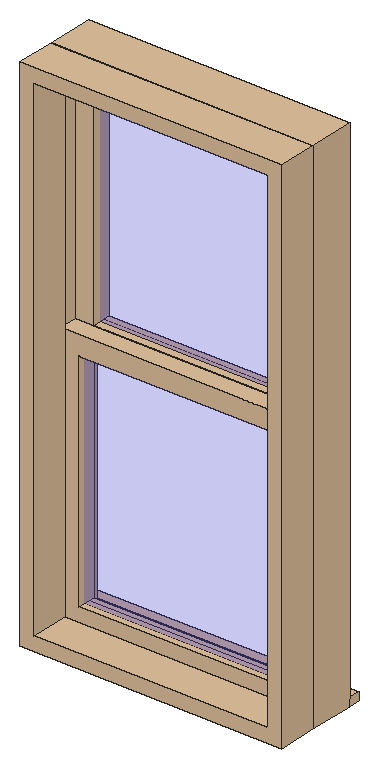
Revit family
Parameters (values of type "0610 x 1220mm")
  Glass Pane Material = Glass
  Height = 1220.00 mm
  Sash Material = Sash
  Default Sill Height = 915.00 mm
  Wall Closure = (empty or 0)
  Width = 610.00 mm
  Window Inset = 19.00 mm
Types (10, lengths in mm): name | Height | Default Sill Height | Width
  (no name) | 1220.00 | 915.00 | 610.00
  0915 x 1220mm | 1220.00 | 915.00 | 915.00
  0610 x 1220mm | 1220.00 | 915.00 | 610.00
  0610 x 0610mm | 610.00 | 915.00 | 610.00
  0406 x 0610mm | 610.00 | 915.00 | 406.00
  0406 x 1220mm | 1220.00 | 915.00 | 406.00
  0406 x 1830mm | 1830.00 | 305.00 | 406.00
  0610 x 1830mm | 1830.00 | 305.00 | 610.00
  0915 x 0610mm | 610.00 | 915.00 | 915.00
  0915 x 1830mm | 1830.00 | 305.00 | 915.00
Reference planes
  plane 1: y = 0
  plane 2: z = 0
  plane 3 "Center": x = 0
  plane 4 "Left": x = -305
  plane 5 "Right": x = 305
  plane 6 "Sill": z = 915
  plane 7 "Top": z = 2135
  plane 8: y = 100
  plane 9: y = -100
  plane 10: y = 81
  plane 11: z = 1525
  plane 12: x = -273.25
  plane 13: x = 273.05
  plane 14: x = 273.25
  plane 15: z = 946.75
  plane 16 "Closure": y = 7.975
Forms (mm)
  Extrusion 1, solid, material "Sash" <- "Sash Material"
    sketch origin (0, 0, 0) x (1, 0, 0) y (0, 0, 1)
      loop
        line (-305, 2135) -> (-305, 915) -> (305, 915) -> (305, 2135) -> (-305, 2135)
      loop
        line (-285.95, 2115.95) -> (-285.95, 934.05) -> (285.95, 934.05) -> (285.95, 2115.95) -> (-285.95, 2115.95)
    from -100 to 7.9
  Extrusion 2, solid
    sketch origin (0, 0, 0) x (-1, 0, 0) y (0, 0, 1)
      loop
        line (-305, 2135) -> (-305, 915) -> (305, 915) -> (305, 2135) -> (-305, 2135)
      loop
        line (-273.25, 2103.25) -> (-273.25, 946.75) -> (273.25, 946.75) -> (273.25, 2103.25) -> (-273.25, 2103.25)
    from -7.9 to -100
  Extrusion 3, solid, material "Sash" <- "Sash Material"
    sketch origin (0, 0, 0) x (-1, 0, 0) y (0, 0, 1)
      loop
        line (-285.95, 2115.95) -> (-285.95, 1502.775) -> (285.95, 1502.775) -> (285.95, 2115.95) -> (-285.95, 2115.95)
      loop
        line (-241.5, 2071.5) -> (-241.5, 1547.225) -> (241.5, 1547.225) -> (241.5, 2071.5) -> (-241.5, 2071.5)
    from 36.55 to 81
  Extrusion 4, solid, material "Glass" <- "Glass Pane Material"
    sketch origin (-124.971, 0, -117.036) x (1, 0, 0) y (0, 0, 1)
      loop
        line (-116.529, 2188.536) -> (-116.529, 1664.261) -> (366.471, 1664.261) -> (366.471, 2188.536) -> (-116.529, 2188.536)
    from -65.125 to -52.425
  Extrusion 5, solid, material "Sash" <- "Sash Material"
    sketch origin (0, 0, 0) x (-1, 0, 0) y (0, 0, 1)
      loop
        line (-305, 934.05) -> (-305, 915) -> (305, 915) -> (305, 934.05) -> (-305, 934.05)
    from 100 to 125.4
  Extrusion 6, solid, material "Sash" <- "Sash Material"
    sketch origin (0, 0, 0) x (-1, 0, 0) y (0, 0, 1)
      loop
        line (-285.95, 1547.225) -> (-285.95, 934.05) -> (285.95, 934.05) -> (285.95, 1547.225) -> (-285.95, 1547.225)
      loop
        line (-241.5, 1502.775) -> (-241.5, 978.5) -> (241.5, 978.5) -> (241.5, 1502.775) -> (-241.5, 1502.775)
    from -7.9 to 36.55
  Extrusion 7, solid, material "Glass" <- "Glass Pane Material"
    sketch origin (0, 0, 0) x (-1, 0, 0) y (0, 0, 1)
      loop
        line (-241.5, 978.5) -> (241.5, 978.5) -> (241.5, 1502.775) -> (-241.5, 1502.775) -> (-241.5, 978.5)
    from 7.975 to 20.675
Lines and regions (mm)
  Opening 1
    outline origin (-1524, -100, 0) x (1, 0, 0) y (0, 0, 1)
      loop
        line (1219, 2135) -> (1219, 915) -> (1829, 915) -> (1829, 2135) -> (1219, 2135)
  symbolic lines, style "WindowsFrameMullionProjection"
    curve 1: line (-305, 100, 0) -> (-285.95, 100, 0)
    curve 2: line (-285.95, -7.9, 0) -> (-285.95, 100, 0)
    curve 3: line (-285.95, -7.9, 0) -> (-273.25, -7.9, 0)
    curve 4: line (-273.25, -100, 0) -> (-273.25, -7.9, 0)
    curve 5: line (305, 100, 0) -> (285.95, 100, 0)
    curve 6: line (273.25, -7.9, 0) -> (273.25, -100, 0)
    curve 7: line (273.25, -7.9, 0) -> (285.95, -7.9, 0)
    curve 8: line (285.95, -7.9, 0) -> (285.95, 100, 0)
    curve 9: line (-285.95, 36.55, 0) -> (-241.5, 36.55, 0)
    curve 10: line (-285.95, 36.55, 0) -> (-285.95, -7.9, 0)
    curve 11: line (-285.95, -7.9, 0) -> (-241.5, -7.9, 0)
    curve 12: line (-241.5, 36.55, 0) -> (-241.5, -7.9, 0)
    curve 13: line (285.95, 36.55, 0) -> (241.5, 36.55, 0)
    curve 14: line (285.95, 36.55, 0) -> (285.95, -7.9, 0)
    curve 15: line (285.95, -7.9, 0) -> (241.5, -7.9, 0)
    curve 16: line (241.5, 36.55, 0) -> (241.5, -7.9, 0)
    curve 18: line (-273.25, -100, 0) -> (-305, -100, 0)
    curve 19: line (273.25, -100, 0) -> (305, -100, 0)
  symbolic lines, style "WindowsGlassProjection"
    curve 17: line (-241.5, 14.325, 0) -> (241.5, 14.325, 0)
Text (mm)
  text "EXTERIOR" at (-1437.207, 1172.171, 0), in view "Floor Line"
  text "INTERIOR" at (-1490.695, -972.33, 0), in view "Floor Line"
  text "Exterior" at (0, 1108.87, 2360.591), in view "Left"
  text "Exterior" at (0, 464.664, 2711.443), in view "Right"
Dimensions and locks
  equal spacing: plane 4 "Left", plane 3 "Center", plane 5 "Right"
  "Width": plane 4 "Left" to plane 5 "Right"
  "Window Inset": plane 8 to plane 10
  locked: plane 10 to Extrusion 3 at 44.45
  locked: plane 10 to Extrusion 4 at 15.875
  locked: Extrusion 4 to Extrusion 4 at 12.7
  locked: Extrusion 5 sketch curve to Extrusion 1 at 19.05
  equal spacing: plane 6 "Sill", plane 11, plane 7 "Top"
  Extrusion 3 sketch curve to plane 11 to Extrusion 3 sketch curve = 22.225 mm locked, 22.225 mm locked
  locked: Extrusion 6 to Extrusion 3 at 88.9
  locked: Extrusion 6 to Extrusion 6 at 44.45
  locked: Extrusion 7 to Extrusion 6 at 15.875
  locked: Extrusion 7 to Extrusion 7 at 12.7
  locked: plane 4 "Left" to plane 12 at 31.75
  locked: plane 14 to plane 5 "Right" at 31.75
  locked: plane 15 to plane 6 "Sill" at 31.75
  "Height": plane 7 "Top" to plane 6 "Sill"
  "Default Sill Height": plane 6 "Sill" to plane 2
  locked: plane 8 to plane 16 "Closure" at 92.025
  locked: Extrusion 5 to plane 8 at 25.4
  aligned and locked: plane 7 "Top" to Opening 1 sketch curve
  aligned and locked: plane 6 "Sill" to Opening 1 sketch curve  (x2)
  aligned and locked: plane 5 "Right" to Opening 1 sketch curve
  aligned and locked: plane 4 "Left" to Opening 1 sketch curve
  aligned and locked: plane 9 to host wall
  aligned and locked: host wall to Extrusion 2
  aligned and locked: plane 10 to Extrusion 3
  aligned and locked: plane 8 to host wall
  aligned and locked: host wall to Extrusion 1
  aligned and locked: Extrusion 4 sketch curve to Extrusion 3  (x4)
  aligned and locked: curve 5 to Extrusion 1  (x2)
  aligned and locked: curve 6 to Extrusion 2
  aligned and locked: curve 4 to Extrusion 2
  aligned and locked: Extrusion 3 to curve 16
  aligned and locked: Extrusion 1 to curve 11
  aligned and locked: Extrusion 1 to curve 7
  aligned and locked: Extrusion 5 to host wall
  aligned and locked: Extrusion 1 to Extrusion 6 sketch curve
  aligned and locked: Extrusion 6 sketch curve to Extrusion 3
  aligned and locked: Extrusion 2 to Extrusion 6
  aligned and locked: Extrusion 1 to Extrusion 2
  aligned and locked: Extrusion 7 sketch curve to Extrusion 6  (x2)
  aligned and locked: Extrusion 3 to Extrusion 7 sketch curve
  aligned and locked: curve 9 to Extrusion 7 sketch curve
  aligned and locked: Extrusion 6 sketch curve to curve 1
Automatic sketch dimensions
  Extrusion 1 sketch curve to plane 4 "Left" = 0.00 mm
  Extrusion 1 sketch curve to plane 5 "Right" = 0.00 mm
  Extrusion 1 sketch curve to plane 4 "Left" = 19.05 mm
  plane 5 "Right" to Extrusion 1 sketch curve = 19.05 mm
  Extrusion 1 sketch curve to plane 6 "Sill" = 0.00 mm
  Extrusion 1 sketch curve to plane 7 "Top" = 0.00 mm
  Extrusion 1 sketch curve to plane 6 "Sill" = 19.05 mm
  plane 7 "Top" to Extrusion 1 sketch curve = 19.05 mm
  Extrusion 2 sketch curve to plane 5 "Right" = 0.00 mm
  Extrusion 2 sketch curve to plane 4 "Left" = 0.00 mm
  plane 5 "Right" to Extrusion 2 sketch curve = 31.75 mm
  Extrusion 2 sketch curve to plane 4 "Left" = 31.75 mm
  Extrusion 2 sketch curve to plane 6 "Sill" = 0.00 mm
  Extrusion 2 sketch curve to plane 7 "Top" = 0.00 mm
  Extrusion 2 sketch curve to plane 6 "Sill" = 31.75 mm
  plane 7 "Top" to Extrusion 2 sketch curve = 31.75 mm
  plane 5 "Right" to Extrusion 3 sketch curve = 19.05 mm
  Extrusion 3 sketch curve to Extrusion 3 sketch curve = 44.45 mm
  Extrusion 3 sketch curve to plane 4 "Left" = 63.50 mm
  Extrusion 3 sketch curve to plane 4 "Left" = 19.05 mm
  plane 7 "Top" to Extrusion 3 sketch curve = 63.50 mm
  plane 7 "Top" to Extrusion 3 sketch curve = 19.05 mm
  curve 18 to plane 4 "Left" = 0.00 mm
  curve 1 to plane 4 "Left" = 0.00 mm
  curve 2 to plane 8 = 0.00 mm
  curve 19 to plane 5 "Right" = 0.00 mm
  curve 2 to plane 4 "Left" = 19.05 mm
  curve 9 to curve 12 = 44.45 mm
  plane 5 "Right" to curve 13 = 19.05 mm
  curve 19 to plane 9 = 0.00 mm
  curve 4 to plane 9 = 0.00 mm
  curve 12 to curve 17 = 22.225 mm
  curve 17 to curve 13 = 22.225 mm
  curve 17 to curve 9 = 22.225 mm
  Extrusion 5 sketch curve to plane 5 "Right" = 0.00 mm
  Extrusion 5 sketch curve to plane 4 "Left" = 0.00 mm
  Extrusion 5 sketch curve to Extrusion 5 sketch curve = 19.05 mm
  Extrusion 6 sketch curve to Extrusion 6 sketch curve = 44.45 mm  (x2)
  Extrusion 6 sketch curve to plane 4 "Left" = 63.50 mm
  Extrusion 6 sketch curve to plane 6 "Sill" = 63.50 mm
  Extrusion 6 sketch curve to plane 6 "Sill" = 19.05 mm
